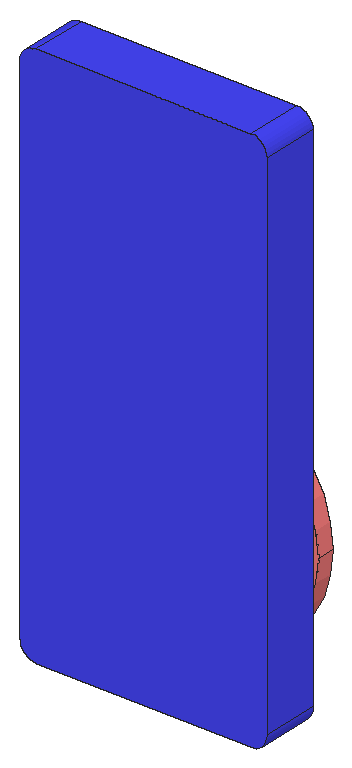
Revit family "Building-IEC309Connections-GEWISS-67IB-INTERLOCKED-SOCKET-OUTLETS_IP67_WITHOUT_BOTTOM_FUS", category Apparecchi elettrici, host Muro, Revit 2016 (continued)
Definition of nested family "2D - IB PRESE INTERBLOC VERT 63A + PORTAFUS IP67_103"
  Lines and regions (mm)
    model lines, in view "Livello rif."
      curve 196: spline (-40.409, 117.064, 0) -> (-40.427, 117.115, 0) -> (-40.45, 117.163, 0) -> (-40.478, 117.209, 0) -> (-40.511, 117.251, 0) -> (-40.549, 117.29, 0) -> (-40.59, 117.325, 0) -> (-40.635, 117.354, 0) -> (-40.682, 117.379, 0) -> (-40.732, 117.399, 0) -> (-40.784, 117.413, 0) -> (-40.837, 117.422, 0) -> (-40.89, 117.424, 0)
      curve 197: spline (40.89, 117.424, 0) -> (40.837, 117.422, 0) -> (40.784, 117.413, 0) -> (40.732, 117.399, 0) -> (40.682, 117.379, 0) -> (40.635, 117.354, 0) -> (40.59, 117.325, 0) -> (40.549, 117.29, 0) -> (40.511, 117.251, 0) -> (40.478, 117.209, 0) -> (40.45, 117.163, 0) -> (40.427, 117.115, 0) -> (40.409, 117.064, 0)
      curve 198: line (-3.325, 198.5, 0) -> (-3.325, 202, 0)
      curve 199: line (26.001, 149.5, 0) -> (25.248, 148.264, 0)
      curve 200: line (25.248, 148.264, 0) -> (24.433, 147.067, 0)
      curve 201: line (24.433, 147.067, 0) -> (23.56, 145.913, 0)
      curve 202: line (23.56, 145.913, 0) -> (22.631, 144.803, 0)
      curve 203: line (22.631, 144.803, 0) -> (21.648, 143.74, 0)
      curve 204: line (21.648, 143.74, 0) -> (20.614, 142.727, 0)
      curve 205: line (20.614, 142.727, 0) -> (19.532, 141.766, 0)
      curve 206: line (19.532, 141.766, 0) -> (18.403, 140.86, 0)
      curve 207: line (18.403, 140.86, 0) -> (17.232, 140.009, 0)
      curve 208: line (17.232, 140.009, 0) -> (16.022, 139.216, 0)
      curve 209: line (16.022, 139.216, 0) -> (14.774, 138.483, 0)
      curve 210: line (14.774, 138.483, 0) -> (13.499, 137.814, 0)
      curve 211: line (13.499, 137.814, 0) -> (12.193, 137.206, 0)
      curve 212: line (12.193, 137.206, 0) -> (10.86, 136.662, 0)
      curve 213: line (10.86, 136.662, 0) -> (9.503, 136.181, 0)
      curve 214: line (9.503, 136.181, 0) -> (8.124, 135.766, 0)
      curve 215: line (8.124, 135.766, 0) -> (6.728, 135.416, 0)
      curve 216: line (6.728, 135.416, 0) -> (5.316, 135.132, 0)
      curve 217: line (5.316, 135.132, 0) -> (3.892, 134.915, 0)
      curve 218: line (3.892, 134.915, 0) -> (2.46, 134.766, 0)
      curve 219: line (2.46, 134.766, 0) -> (1.023, 134.684, 0)
      curve 220: line (1.023, 134.684, 0) -> (-0.421, 134.67, 0)
      curve 221: line (-0.421, 134.67, 0) -> (-1.865, 134.724, 0)
      curve 222: line (-1.865, 134.724, 0) -> (-3.304, 134.846, 0)
      curve 223: line (-3.304, 134.846, 0) -> (-4.736, 135.036, 0)
      curve 224: line (-4.736, 135.036, 0) -> (-6.157, 135.293, 0)
      curve 225: line (-6.157, 135.293, 0) -> (-7.565, 135.617, 0)
      curve 226: line (-7.565, 135.617, 0) -> (-8.956, 136.008, 0)
      curve 227: line (-8.956, 136.008, 0) -> (-10.326, 136.464, 0)
      curve 228: line (-10.326, 136.464, 0) -> (-11.673, 136.985, 0)
      curve 229: line (-11.673, 136.985, 0) -> (-12.994, 137.57, 0)
      curve 230: line (-12.994, 137.57, 0) -> (-14.333, 138.243, 0)
      curve 231: line (40.837, 117.912, 0) -> (40.802, 131.823, 0)
      curve 232: line (40.802, 131.823, 0) -> (19.198, 131.823, 0)
      curve 233: line (19.163, 117.912, 0) -> (19.198, 131.823, 0)
      curve 234: line (-19.163, 117.912, 0) -> (-19.198, 131.823, 0)
      curve 235: line (-19.198, 131.823, 0) -> (-40.802, 131.823, 0)
      curve 236: line (-40.837, 117.912, 0) -> (-40.802, 131.823, 0)
      curve 237: arc (-6.406, 141.043, 0) -> (-0.133, 140.184, 0) -> (6.149, 140.974, 0) r 24.316
      curve 238: spline (-7.138, 142.008, 0) -> (-7.132, 141.9, 0) -> (-7.115, 141.793, 0) -> (-7.086, 141.688, 0) -> (-7.046, 141.587, 0) -> (-6.996, 141.491, 0) -> (-6.935, 141.402, 0) -> (-6.865, 141.319, 0) -> (-6.786, 141.244, 0) -> (-6.7, 141.179, 0) -> (-6.607, 141.123, 0) -> (-6.509, 141.077, 0) -> (-6.406, 141.043, 0)
      curve 239: arc (6.149, 140.974, 0) -> (6.686, 141.328, 0) -> (6.896, 141.936, 0) r 1
      curve 240: arc (4.215, 187.778, 0) -> (5.478, 175.725, 0) -> (9.385, 164.252, 0) r 54.251
      curve 241: arc (-9.388, 164.353, 0) -> (-5.312, 175.978, 0) -> (-3.965, 188.223, 0) r 54.251
      curve 242: arc (9.441, 163.55, 0) -> (9.477, 163.906, 0) -> (9.385, 164.252, 0) r 1
      curve 243: arc (-9.155, 162.538, 0) -> (-9.301, 163.098, 0) -> (-9.452, 163.655, 0) r 64.101
      curve 244: arc (-7.117, 146.038, 0) -> (-7.606, 154.354, 0) -> (-9.155, 162.538, 0) r 64.983
      curve 245: arc (9.081, 162.244, 0) -> (7.483, 154.172, 0) -> (6.918, 145.963, 0) r 64.983
      curve 246: arc (9.442, 163.552, 0) -> (9.258, 162.899, 0) -> (9.081, 162.244, 0) r 64.101
      curve 247: arc (-9.387, 164.353, 0) -> (-9.483, 164.008, 0) -> (-9.451, 163.651, 0) r 1
      curve 248: circle (6.075, 127.744, 0) r 5.729 normal (0, 0, 1)
      curve 249: line (4.215, 187.778, 0) -> (4.25, 190.775, 0)
      curve 250: line (-3.965, 188.223, 0) -> (-3.965, 190.807, 0)
      curve 251: line (-7.117, 146.038, 0) -> (-7.138, 142.008, 0)
      curve 252: line (6.918, 145.963, 0) -> (6.896, 141.936, 0)
      curve 256: arc (-3.043, 191.798, 0) -> (-3.694, 191.488, 0) -> (-3.967, 190.821, 0) r 1
      curve 257: arc (3.336, 191.764, 0) -> (0.147, 191.911, 0) -> (-3.043, 191.798, 0) r 39.364
      curve 258: arc (4.25, 190.775, 0) -> (3.985, 191.446, 0) -> (3.336, 191.764, 0) r 1
    model lines, in view "Livello rif.", detail levels medium+fine
      curve 137: arc (1, 200.6, 0) -> (0, 201.6, 0) -> (-1, 200.6, 0) r 1
      curve 138: arc (-1, 199.4, 0) -> (0, 198.4, 0) -> (1, 199.4, 0) r 1
      curve 139: arc (1.8, 200.6, 0) -> (0, 202.4, 0) -> (-1.8, 200.6, 0) r 1.8
      curve 140: arc (-1.8, 199.4, 0) -> (0, 197.6, 0) -> (1.8, 199.4, 0) r 1.8
      curve 158: line (22.419, 189.295, 0) -> (22.419, 194.095, 0)
      curve 159: line (22.419, 194.095, 0) -> (23.219, 194.095, 0)
      curve 160: line (23.219, 194.095, 0) -> (23.219, 189.295, 0)
      curve 161: line (23.219, 189.295, 0) -> (22.419, 189.295, 0)
      curve 162: line (1, 200.6, 0) -> (1, 199.4, 0)
      curve 163: line (-1, 199.4, 0) -> (-1, 200.6, 0)
      curve 164: line (1.8, 200.6, 0) -> (1.8, 199.4, 0)
      curve 165: line (-1.8, 199.4, 0) -> (-1.8, 200.6, 0)
      curve 253: arc (-0.782, 160.162, 0) -> (-1.357, 159.608, 0) -> (-1.572, 158.838, 0) r 1.52
      curve 254: arc (1.468, 158.821, 0) -> (0.88, 160.03, 0) -> (-0.435, 160.3, 0) r 1.52
      curve 255: arc (-1.636, 146.945, 0) -> (-0.122, 145.422, 0) -> (1.404, 146.934, 0) r 1.52
      curve 259: line (-1.59, 155.438, 0) -> (0.321, 155.427, 0)
      curve 260: line (0.321, 155.427, 0) -> (0.329, 156.857, 0)
      curve 261: line (0.329, 156.857, 0) -> (0.675, 156.855, 0)
      curve 262: line (0.675, 156.855, 0) -> (0.667, 155.425, 0)
      curve 263: line (0.667, 155.425, 0) -> (1.449, 155.421, 0)
      curve 264: line (1.449, 155.421, 0) -> (1.462, 157.708, 0)
      curve 265: line (1.462, 157.708, 0) -> (-0.449, 157.719, 0)
      curve 266: line (-0.449, 157.719, 0) -> (-0.457, 156.289, 0)
      curve 267: line (-0.457, 156.289, 0) -> (-0.803, 156.291, 0)
      curve 268: line (-0.803, 156.291, 0) -> (-0.795, 157.72, 0)
      curve 269: line (-0.795, 157.72, 0) -> (-1.578, 157.725, 0)
      curve 270: line (-1.578, 157.725, 0) -> (-1.59, 155.438, 0)
      curve 271: line (-0.435, 160.3, 0) -> (-0.443, 158.922, 0)
      curve 272: line (-0.443, 158.922, 0) -> (-0.789, 158.924, 0)
      curve 273: line (-0.789, 158.924, 0) -> (-0.782, 160.162, 0)
      curve 274: line (-1.572, 158.838, 0) -> (-1.576, 158.071, 0)
      curve 275: line (-1.576, 158.071, 0) -> (0.335, 158.06, 0)
      curve 276: line (0.335, 158.06, 0) -> (0.341, 159.264, 0)
      curve 277: line (0.341, 159.264, 0) -> (0.688, 159.262, 0)
      curve 278: line (0.688, 159.262, 0) -> (0.681, 158.059, 0)
      curve 279: line (0.681, 158.059, 0) -> (1.463, 158.054, 0)
      curve 280: line (1.463, 158.054, 0) -> (1.468, 158.822, 0)
      curve 281: line (-0.839, 149.641, 0) -> (-1.621, 149.645, 0)
      curve 282: line (-1.621, 149.645, 0) -> (-1.613, 151.156, 0)
      curve 283: line (-1.613, 151.156, 0) -> (0.109, 151.548, 0)
      curve 284: line (0.109, 151.548, 0) -> (-1.609, 151.902, 0)
      curve 285: line (-1.609, 151.902, 0) -> (-1.605, 152.707, 0)
      curve 286: line (-1.605, 152.707, 0) -> (0.014, 153.076, 0)
      curve 287: line (0.014, 153.076, 0) -> (-1.601, 153.408, 0)
      curve 288: line (-1.601, 153.408, 0) -> (-1.592, 155.092, 0)
      curve 289: line (-1.592, 155.092, 0) -> (-0.809, 155.087, 0)
      curve 290: line (-0.809, 155.087, 0) -> (-0.815, 154.045, 0)
      curve 291: line (-0.815, 154.045, 0) -> (1.439, 153.581, 0)
      curve 292: line (1.439, 153.581, 0) -> (1.435, 152.758, 0)
      curve 293: line (1.435, 152.758, 0) -> (-0.604, 152.294, 0)
      curve 294: line (-0.604, 152.294, 0) -> (1.43, 151.875, 0)
      curve 295: line (1.43, 151.875, 0) -> (1.426, 151.046, 0)
      curve 296: line (1.426, 151.046, 0) -> (-0.834, 150.531, 0)
      curve 297: line (-0.834, 150.531, 0) -> (-0.839, 149.641, 0)
      curve 298: line (0.632, 148.911, 0) -> (0.286, 148.913, 0)
      curve 299: line (0.286, 148.913, 0) -> (0.294, 150.342, 0)
      curve 300: line (0.294, 150.342, 0) -> (-0.489, 150.346, 0)
      curve 301: line (-0.489, 150.346, 0) -> (-0.497, 148.917, 0)
      curve 302: line (-0.497, 148.917, 0) -> (-0.843, 148.919, 0)
      curve 303: line (-0.843, 148.919, 0) -> (-0.841, 149.295, 0)
      curve 304: line (-0.841, 149.295, 0) -> (-1.623, 149.299, 0)
      curve 305: line (-1.623, 149.299, 0) -> (-1.63, 148.065, 0)
      curve 306: line (-1.63, 148.065, 0) -> (1.41, 148.049, 0)
      curve 307: line (1.41, 148.049, 0) -> (1.422, 150.336, 0)
      curve 308: line (1.422, 150.336, 0) -> (0.64, 150.34, 0)
      curve 309: line (0.64, 150.34, 0) -> (0.632, 148.911, 0)
      curve 310: line (-1.636, 146.945, 0) -> (-1.631, 147.719, 0)
      curve 311: line (-1.631, 147.719, 0) -> (-0.849, 147.715, 0)
      curve 312: line (-0.849, 147.715, 0) -> (-0.856, 146.511, 0)
      curve 313: line (-0.856, 146.511, 0) -> (0.619, 146.503, 0)
      curve 314: line (0.619, 146.503, 0) -> (0.621, 146.849, 0)
      curve 315: line (0.621, 146.849, 0) -> (-0.508, 146.855, 0)
      curve 316: line (-0.508, 146.855, 0) -> (-0.503, 147.713, 0)
      curve 317: line (-0.503, 147.713, 0) -> (1.408, 147.703, 0)
      curve 318: line (1.408, 147.703, 0) -> (1.404, 146.934, 0)
      curve 319: line (1.443, 154.293, 0) -> (1.447, 155.075, 0)
      curve 320: line (1.447, 155.075, 0) -> (-0.463, 155.086, 0)
      curve 321: line (-0.463, 155.086, 0) -> (-0.468, 154.303, 0)
      curve 322: line (-0.468, 154.303, 0) -> (1.443, 154.293, 0)
Types (23, lengths in mm): name | Weight (kg) | Weight | Tipo Simbolo | Technical sheet | Reference h | Rated voltage: | Rated voltage | Rated current (In) | Rated current (A) | Presa | Potenza | Numero poli | Number of poles | No. of poles | Modello | Immagine tipo | IDT | IB socket outlet rated current (In) | EAN code | Descrizione | Colour: | Colour
  GW66323N - 16A 2P+E 110V V.INT.SOCK.O.N.B.4H CBF | "Max. 0.8 Kg" | "Max. 0.8 Kg" | PRESAINDPFUS : 2P | "https://www.gewiss.com/ww/en/search?q=GW66323N" | "4" | "100 - 130 V" | "100 - 130 V" | "16" | "16" | GEWISS - GIALLO | 110 V | 2 | "2P+E" | "2P+E" | "GW66323N" | GW66323N.jpg | "30d79ac4-2994-493b-83da-67eb334196f1" | "16A" | "8011564741782" | "16A 2P+E 110V V.INT.SOCK.O.N.B.4H CBF" | "Yellow" | "Yellow"
  GW66324N - 16A 3P+E 110V V.INT.SOCK.O.N.B.4H CBF | "Max. 0.8 Kg" | "Max. 0.8 Kg" | PRESAINDPFUS : 3P | "https://www.gewiss.com/ww/en/search?q=GW66324N" | "4" | "100 - 130 V" | "100 - 130 V" | "16" | "16" | GEWISS - GIALLO | 110 V | 3 | "3P+E" | "3P+E" | "GW66324N" | GW66323N.jpg | "b737096d-32e9-4a17-9973-32a7bd1a8f18" | "16A" | "8011564741799" | "16A 3P+E 110V V.INT.SOCK.O.N.B.4H CBF" | "Yellow" | "Yellow"
  GW66325N - 16A 3P+N+E 110V V.INT.SOCK.O.N.B.4H CBF | "Max. 0.8 Kg" | "Max. 0.8 Kg" | PRESAINDPFUS : 3P | "https://www.gewiss.com/ww/en/search?q=GW66325N" | "4" | "100 - 130 V" | "100 - 130 V" | "16" | "16" | GEWISS - GIALLO | 110 V | 3 | "3P+N+E" | "3P+N+E" | "GW66325N" | GW66323N.jpg | "ca68a293-44aa-448d-9bb8-29f03c2f1c91" | "16A" | "8011564741805" | "16A 3P+N+E 110V V.INT.SOCK.O.N.B.4H CBF" | "Yellow" | "Yellow"
  GW66326N - 16A 2P+E 230V V.INT.SOCK.O.N.B.6H CBF | "Max. 0.8 Kg" | "Max. 0.8 Kg" | PRESAINDPFUS : 2P | "https://www.gewiss.com/ww/en/search?q=GW66326N" | "6" | "200 - 250 V" | "200 - 250 V" | "16" | "16" | GEWISS -BLU | 230 V | 2 | "2P+E" | "2P+E" | "GW66326N" | GW66326N.jpg | "a9e3162c-ff96-41f4-8e77-217883e49a5c" | "16A" | "8011564741812" | "16A 2P+E 230V V.INT.SOCK.O.N.B.6H CBF" | "Blue" | "Blue"
  GW66327N - 16A 3P+E 230V V.INT.SOCK.O.N.B.9H CBF | "Max. 0.8 Kg" | "Max. 0.8 Kg" | PRESAINDPFUS : 3P | "https://www.gewiss.com/ww/en/search?q=GW66327N" | "9" | "200 - 250 V" | "200 - 250 V" | "16" | "16" | GEWISS -BLU | 230 V | 3 | "3P+E" | "3P+E" | "GW66327N" | GW66326N.jpg | "734b57f8-2e70-4931-9afb-c6d39a5ca6d6" | "16A" | "8011564741829" | "16A 3P+E 230V V.INT.SOCK.O.N.B.9H CBF" | "Blue" | "Blue"
  GW66328N - 16A 3P+N+E 230V V.INT.SOCK.O.N.B.9H CBF | "Max. 0.8 Kg" | "Max. 0.8 Kg" | PRESAINDPFUS : 3P | "https://www.gewiss.com/ww/en/search?q=GW66328N" | "9" | "200 - 250 V" | "200 - 250 V" | "16" | "16" | GEWISS -BLU | 230 V | 3 | "3P+N+E" | "3P+N+E" | "GW66328N" | GW66326N.jpg | "8afb5152-b66f-44ac-86e9-8db1e74fc8e2" | "16A" | "8011564741836" | "16A 3P+N+E 230V V.INT.SOCK.O.N.B.9H CBF" | "Blue" | "Blue"
  GW66329N - 16A 2P+E 400V V.INT.SOCK.O.N.B.6H CBF | "Max. 0.8 Kg" | "Max. 0.8 Kg" | PRESAINDPFUS : 2P | "https://www.gewiss.com/ww/en/search?q=GW66329N" | "9" | "380 - 415 V" | "380 - 415 V" | "16" | "16" | GW - ROSSO | 400 V | 2 | "2P+E" | "2P+E" | "GW66329N" | GW66329N.jpg | "756aa11f-ab36-4bf8-8036-62e657426888" | "16A" | "8011564741843" | "16A 2P+E 400V V.INT.SOCK.O.N.B.6H CBF" | "Red" | "Red"
  GW66330N - 16A 3P+E 400V V.INT.SOCK.O.N.B.9H CBF | "Max. 0.8 Kg" | "Max. 0.8 Kg" | PRESAINDPFUS : 3P | "https://www.gewiss.com/ww/en/search?q=GW66330N" | "6" | "380 - 415 V" | "380 - 415 V" | "16" | "16" | GW - ROSSO | 400 V | 3 | "3P+E" | "3P+E" | "GW66330N" | GW66329N.jpg | "ca4c6d7c-ddbe-4232-8889-7f60049de3d5" | "16A" | "8011564741850" | "16A 3P+E 400V V.INT.SOCK.O.N.B.9H CBF" | "Red" | "Red"
  GW66331N - 16A 3P+N+E 400V V.INT.SOCK.O.N.B.9H CBF | "Max. 0.8 Kg" | "Max. 0.8 Kg" | PRESAINDPFUS : 3P | "https://www.gewiss.com/ww/en/search?q=GW66331N" | "6" | "380 - 415 V" | "380 - 415 V" | "16" | "16" | GW - ROSSO | 400 V | 3 | "3P+N+E" | "3P+N+E" | "GW66331N" | GW66329N.jpg | "793e5e18-9df8-4895-a852-130dd075e20b" | "16A" | "8011564741867" | "16A 3P+N+E 400V V.INT.SOCK.O.N.B.9H CBF" | "Red" | "Red"
  GW66332N - 16A 3P+E 500V V.INT.SOCK.O.N.B.7H CBF | "Max. 0.8 Kg" | "Max. 0.8 Kg" | PRESAINDPFUS : 3P | "https://www.gewiss.com/ww/en/search?q=GW66332N" | "7" | "480 - 500 V" | "480 - 500 V" | "16" | "16" | GEWISS - NERO | 500 V | 3 | "3P+E" | "3P+E" | "GW66332N" | GW66332N.jpg | "d3b9197d-b131-4277-8429-b99123ced490" | "16A" | "8011564741874" | "16A 3P+E 500V V.INT.SOCK.O.N.B.7H CBF" | "Black" | "Black"
  GW66333N - 16A 3P+N+E 500V V.INT.SOCK.O.N.B.7H CBF | "Max. 0.8 Kg" | "Max. 0.8 Kg" | PRESAINDPFUS : 3P | "https://www.gewiss.com/ww/en/search?q=GW66333N" | "7" | "480 - 500 V" | "480 - 500 V" | "16" | "16" | GEWISS - NERO | 500 V | 3 | "3P+N+E" | "3P+N+E" | "GW66333N" | GW66332N.jpg | "bb4a6e47-3ced-40f1-b64d-7c0dce3364c1" | "16A" | "8011564741881" | "16A 3P+N+E 500V V.INT.SOCK.O.N.B.7H CBF" | "Black" | "Black"
  GW66334N - 32A 2P+E 110V V.INT.SOCK.O.N.B.4H CBF | "Max. 0.9 Kg" | "Max. 0.9 Kg" | PRESAINDPFUS : 2P | "https://www.gewiss.com/ww/en/search?q=GW66334N" | "4" | "100 - 130 V" | "100 - 130 V" | "32" | "32" | GEWISS - GIALLO | 110 V | 2 | "2P+E" | "2P+E" | "GW66334N" | GW66323N.jpg | "499bc88b-1250-4a71-8332-df835cabb904" | "32A" | "8011564741898" | "32A 2P+E 110V V.INT.SOCK.O.N.B.4H CBF" | "Yellow" | "Yellow"
  GW66335N - 32A 3P+E 110V V.INT.SOCK.O.N.B.4H CBF | "Max. 0.9 Kg" | "Max. 0.9 Kg" | PRESAINDPFUS : 3P | "https://www.gewiss.com/ww/en/search?q=GW66335N" | "4" | "100 - 130 V" | "100 - 130 V" | "32" | "32" | GEWISS - GIALLO | 110 V | 3 | "3P+E" | "3P+E" | "GW66335N" | GW66323N.jpg | "1cae1fb9-0543-4e5f-9bb7-775a21e7c699" | "28A" | "8011564741904" | "32A 3P+E 110V V.INT.SOCK.O.N.B.4H CBF" | "Yellow" | "Yellow"
  GW66336N - 32A 3P+N+E 110V V.INT.SOCK.O.N.B.4H CBF | "Max. 0.9 Kg" | "Max. 0.9 Kg" | PRESAINDPFUS : 3P | "https://www.gewiss.com/ww/en/search?q=GW66336N" | "4" | "100 - 130 V" | "100 - 130 V" | "32" | "32" | GEWISS - GIALLO | 110 V | 3 | "3P+N+E" | "3P+N+E" | "GW66336N" | GW66323N.jpg | "76f06d90-6a41-4650-b399-a6a17717fe08" | "28A" | "8011564741911" | "32A 3P+N+E 110V V.INT.SOCK.O.N.B.4H CBF" | "Yellow" | "Yellow"
  GW66337N - 32A 2P+E 230V V.INT.SOCK.O.N.B.6H CBF | "Max. 0.9 Kg" | "Max. 0.9 Kg" | PRESAINDPFUS : 2P | "https://www.gewiss.com/ww/en/search?q=GW66337N" | "6" | "200 - 250 V" | "200 - 250 V" | "32" | "32" | GEWISS -BLU | 230 V | 2 | "2P+E" | "2P+E" | "GW66337N" | GW66326N.jpg | "79f38b2c-9f13-432d-b464-524a90e4354e" | "32A" | "8011564741928" | "32A 2P+E 230V V.INT.SOCK.O.N.B.6H CBF" | "Blue" | "Blue"
  GW66338N - 32A 3P+E 230V V.INT.SOCK.O.N.B.9H CBF | "Max. 0.9 Kg" | "Max. 0.9 Kg" | PRESAINDPFUS : 3P | "https://www.gewiss.com/ww/en/search?q=GW66338N" | "9" | "200 - 250 V" | "200 - 250 V" | "32" | "32" | GEWISS -BLU | 230 V | 3 | "3P+E" | "3P+E" | "GW66338N" | GW66326N.jpg | "cc608149-310b-4ef9-b7fd-869bf80bbc6d" | "28A" | "8011564741935" | "32A 3P+E 230V V.INT.SOCK.O.N.B.9H CBF" | "Blue" | "Blue"
  GW66339N - 32A 3P+N+E 230V V.INT.SOCK.O.N.B.9H CBF | "Max. 0.9 Kg" | "Max. 0.9 Kg" | PRESAINDPFUS : 3P | "https://www.gewiss.com/ww/en/search?q=GW66339N" | "9" | "200 - 250 V" | "200 - 250 V" | "32" | "32" | GEWISS -BLU | 230 V | 3 | "3P+N+E" | "3P+N+E" | "GW66339N" | GW66326N.jpg | "c92023a9-5fbb-4c9d-b7d9-802bad0c0cca" | "28A" | "8011564741942" | "32A 3P+N+E 230V V.INT.SOCK.O.N.B.9H CBF" | "Blue" | "Blue"
  GW66340N - 32A 2P+E 400V V.INT.SOCK.O.N.B.6H CBF | "Max. 0.9 Kg" | "Max. 0.9 Kg" | PRESAINDPFUS : 2P | "https://www.gewiss.com/ww/en/search?q=GW66340N" | "9" | "380 - 415 V" | "380 - 415 V" | "32" | "32" | GW - ROSSO | 400 V | 2 | "2P+E" | "2P+E" | "GW66340N" | GW66329N.jpg | "d3a9ba0b-089f-41f2-b9d4-61f0f3ffd9d0" | "32A" | "8011564741959" | "32A 2P+E 400V V.INT.SOCK.O.N.B.6H CBF" | "Red" | "Red"
  GW66341N - 32A 3P+E 400V V.INT.SOCK.O.N.B.9H CBF | "Max. 0.9 Kg" | "Max. 0.9 Kg" | PRESAINDPFUS : 3P | "https://www.gewiss.com/ww/en/search?q=GW66341N" | "6" | "380 - 415 V" | "380 - 415 V" | "32" | "32" | GW - ROSSO | 400 V | 3 | "3P+E" | "3P+E" | "GW66341N" | GW66329N.jpg | "f40628d5-8155-4c22-97bc-23d10137e6f1" | "28A" | "8011564741966" | "32A 3P+E 400V V.INT.SOCK.O.N.B.9H CBF" | "Red" | "Red"
  GW66342N - 32A 3P+N+E 400V V.INT.SOCK.O.N.B.9H CBF | "Max. 0.9 Kg" | "Max. 0.9 Kg" | PRESAINDPFUS : 3P | "https://www.gewiss.com/ww/en/search?q=GW66342N" | "6" | "380 - 415 V" | "380 - 415 V" | "32" | "32" | GW - ROSSO | 400 V | 3 | "3P+N+E" | "3P+N+E" | "GW66342N" | GW66329N.jpg | "acfff40d-79cc-4c4e-9dad-2aedba291622" | "28A" | "8011564741973" | "32A 3P+N+E 400V V.INT.SOCK.O.N.B.9H CBF" | "Red" | "Red"
  GW66343N - 32A 3P+E 500V V.INT.SOCK.O.N.B.7H CBF | "Max. 0.9 Kg" | "Max. 0.9 Kg" | PRESAINDPFUS : 3P | "https://www.gewiss.com/ww/en/search?q=GW66343N" | "7" | "480 - 500 V" | "480 - 500 V" | "32" | "32" | GEWISS - NERO | 500 V | 3 | "3P+E" | "3P+E" | "GW66343N" | GW66332N.jpg | "a0be41ed-42ca-45ef-904f-961e9b688339" | "28A" | "8011564741980" | "32A 3P+E 500V V.INT.SOCK.O.N.B.7H CBF" | "Black" | "Black"
  GW66344N - 32A 3P+N+E 500V V.INT.SOCK.O.N.B.7H CBF | "Max. 0.9 Kg" | "Max. 0.9 Kg" | PRESAINDPFUS : 3P | "https://www.gewiss.com/ww/en/search?q=GW66344N" | "7" | "480 - 500 V" | "480 - 500 V" | "32" | "32" | GEWISS - NERO | 500 V | 3 | "3P+N+E" | "3P+N+E" | "GW66344N" | GW66332N.jpg | "b744add1-c7d1-473a-b170-85a739cce033" | "28A" | "8011564741997" | "32A 3P+N+E 500V V.INT.SOCK.O.N.B.7H CBF" | "Black" | "Black"
  GW66358N - 32A 3P+E 380V V.INT.SOCK.O.N.B.3H CBF | "Max. 0.9 Kg" | "Max. 0.9 Kg" | PRESAINDPFUS : 3P | "https://www.gewiss.com/ww/en/search?q=GW66358N" | "3" | "380 - 440 V" | "380 - 440 V" | "32" | "32" | GW - ROSSO | 400 V | 3 | "3P+E" | "3P+E" | "GW66358N" | GW66329N.jpg | "5410a18b-86cc-47a6-890a-93cf755ebe5d" | "28A" | "8011564742123" | "32A 3P+E 380V V.INT.SOCK.O.N.B.3H CBF" | "Red" | "Red"
